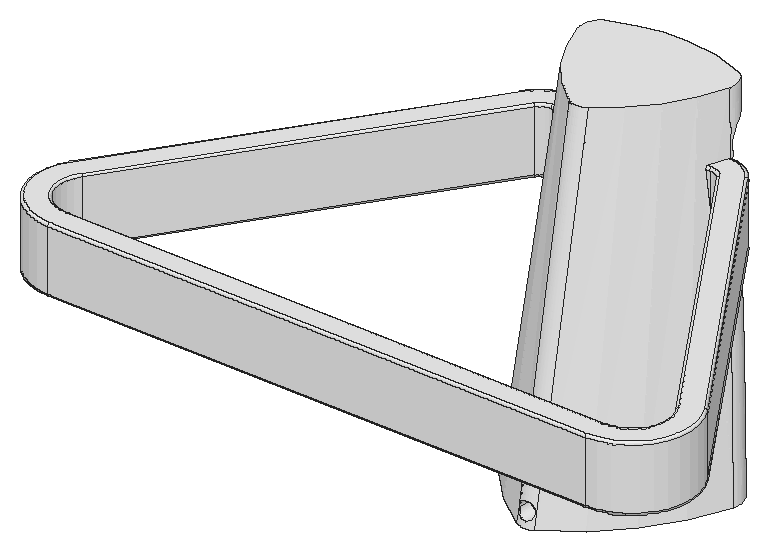
Revit family "FG77446-SUP473283-Chrome", category Generic Models, host Face, Revit 2013
Parameters (values of type "FG77446-SUP473283-Chrome")
  Unit = Metal - Chrome
  URL = "www.deltafaucet.com"
  Model = "FG77446"  # constant formula
  Manufacturer = "Delta"  # constant formula
  Description = "FG77446-SUP473283-Chrome"
  Default Elevation = 1524.00 mm
Reference planes
  plane 1 "Center (Front/Back)": y = 0
  plane 2: z = 0
  plane 3 "Center (Left/Right)": x = 0
Dimensions and locks
  aligned and locked: plane 2 to host face
  aligned and locked: level to host face
  aligned and locked: nested 1 to plane 1 "Center (Front/Back)"
  aligned and locked: nested 1 to level
Nested families
  nested 1: "FG77446-SUP473283" at (0, 46.099, 0), type "FG77446-SUP473283"
Definition of nested family "FG77446-SUP473283"
  Parameters (values of type "FG77446-SUP473283")
    Finish = Glossy - Sienna
  Reference planes
    plane 1 "Center (Front/Back)": y = 0
    plane 2: z = 0
    plane 3 "Center (Left/Right)": x = 0
    plane 4: y = 79.314
    plane 5: y = -46.099
    plane 6: z = 95.25
    plane 7: z = 101.6
    plane 8: y = -88.31
    plane 9: y = -94.978
    plane 10: z = 79.127
    plane 11: z = 61.289
  Forms (mm)
    Blend 1, solid, material "Glossy - Sienna" <- "Finish"
      base sketch origin (0, 0, 0) x (1, 0, 0) y (0, 1, 0)
        loop
          arc (-28.931, 10.054) -> (-18.737, -9.56) -> (-2.155, -24.178) r 60.25
          arc (-2.155, -24.178) -> (0.298, -24.854) -> (2.751, -24.178) r 4.787
          arc (2.751, -24.178) -> (19.312, -9.586) -> (29.507, 9.992) r 60.25
          arc (29.507, 9.992) -> (28.62, 15.133) -> (23.961, 17.481) r 5.798
          line (23.961, 17.481) -> (-23.424, 17.481)
          arc (-23.424, 17.481) -> (-28.047, 15.153) -> (-28.931, 10.054) r 5.755
      top sketch origin (0, 0, 0) x (1, 0, 0) y (0, 1, 0)
        loop
          arc (-17.306, 25.927) -> (-20.083, 23.239) -> (-20.383, 19.386) r 5.457
          arc (-20.383, 19.386) -> (-13.518, 5.082) -> (-2.426, -6.262) r 48.792
          arc (-2.426, -6.262) -> (0.298, -7.155) -> (3.022, -6.262) r 4.603
          arc (3.022, -6.262) -> (14.099, 5.062) -> (20.964, 19.338) r 48.792
          arc (20.964, 19.338) -> (20.674, 23.161) -> (17.93, 25.839) r 5.428
          arc (17.93, 25.839) -> (0.321, 29.543) -> (-17.306, 25.927) r 44.234
      from 0 to 95.25
    Extrusion 2, void
      sketch origin (0, 0, 0) x (0, 1, 0) y (0, 0, 1)
        loop
          line (18.478, 81.496) -> (18.478, 79.255) -> (11.808, 79.255) -> (11.808, 61.161) -> (18.478, 61.161) -> (18.478, -4.029) -> (39.081, -4.029) -> (39.081, 101.6) -> (29.535, 101.6) -> (29.535, 94.208)
          arc (29.535, 94.208) -> (28.251, 90.245) -> (24.576, 88.283) r 5.566
          arc (24.576, 88.283) -> (20.226, 86.058) -> (18.478, 81.496) r 6.826
      from -35.226 to 33.091
    Extrusion 3, void
      sketch origin (0, 0, 0) x (1, 0, 0) y (0, 0, 1)
        loop
          circle (0.235, 3.835) r 2.294
      from 19.73 to 26.517
    Sweep 4, solid, material "Glossy - Sienna" <- "Finish"
      path origin (0, 0, 0) x (1, 0, 0) y (0, 1, 0)
        loop
          line (-73.129, -94.978) -> (73.157, -94.978)
          arc (73.157, -94.978) -> (87.228, -86.547) -> (86.434, -70.163) r 15.959
          line (86.434, -70.163) -> (30.482, 13.724)
          arc (30.482, 13.724) -> (26.636, 17.214) -> (21.597, 18.478) r 10.681
          line (21.597, 18.478) -> (-21.559, 18.478)
          arc (-21.559, 18.478) -> (-26.631, 17.206) -> (-30.504, 13.692) r 10.752
          line (-30.504, 13.692) -> (-86.418, -70.139)
          arc (-86.418, -70.139) -> (-87.214, -86.539) -> (-73.129, -94.978) r 15.974
      profile origin (0.014, -94.978, 0) x (0, 1, 0) y (0, 0, 1)
        loop
          line (0, 78.486) -> (0, 61.884)
          arc (0, 61.884) -> (0.174, 61.463) -> (0.595, 61.289) r 0.595
          line (0.595, 61.289) -> (6.073, 61.289)
          arc (6.073, 61.289) -> (6.493, 61.463) -> (6.668, 61.884) r 0.595
          line (6.668, 61.884) -> (6.668, 78.532)
          arc (6.668, 78.532) -> (6.493, 78.953) -> (6.073, 79.127) r 0.595
          line (6.073, 79.127) -> (0.642, 79.127)
          arc (0.642, 79.127) -> (0.188, 78.939) -> (0, 78.486) r 0.642
  Cuts and joins
    Extrusion 2, Extrusion 3 cuts Blend 1
  Dimensions and locks
    plane 4 to plane 5 = 125.413 mm
    plane 6 to plane 2 = 95.25 mm
